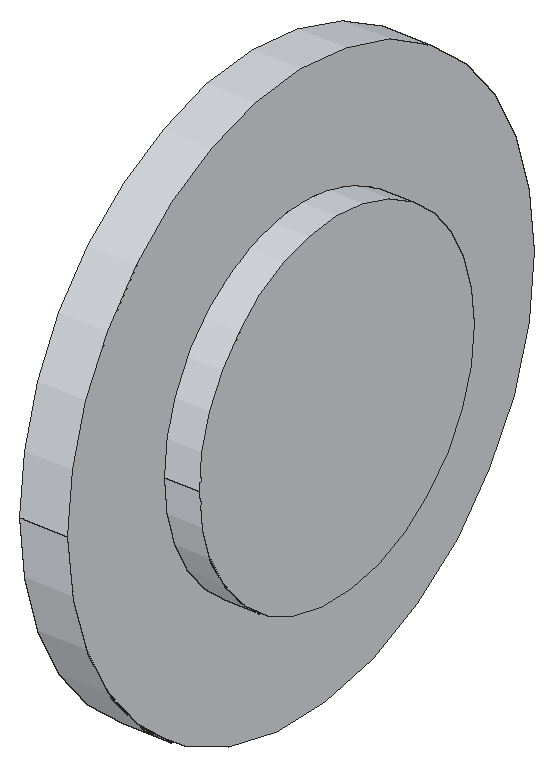
Revit family "1b47ad9977814793be07e5290a9a5410", category Pipe Fittings, Revit 2021
Family settings
  Round Connector Dimension = Use Radius
  Part Type = Flange
  OmniClass Number = 23.60.30.11.14
  OmniClass Title = Pipework Fittings
  Seek Item ID = Flange - Threaded - GI - Class 25-0000-USA-ENU
  Work Plane-Based = No
  Always vertical = Yes
  Cut with Voids When Loaded = No
  Shared = No
Parameters (values of type "Standard")
  Tick Size [instance] = Flange Diameter * 0.4  # 3.6063"
  Nominal Radius [instance] = 2"
  Nominal Diameter [instance] = Nominal Radius * 2  # 4"
  Loss Method = Not Defined
  Lookup Table Name = "Flange - Threaded - GI - Class 25"
  Length [instance] = size_lookup(Lookup Table Name, "Lgt", 0.1 * Nominal Diameter + 61/64", Nominal Diameter)  # 1.29921"
  Hub Radius [instance] = Hub Diameter / 2  # 2.65748"
  Hub Diameter [instance] = size_lookup(Lookup Table Name, "HDia", 0.93 * Nominal Diameter + 2 13/32", Nominal Diameter)  # 5.31496"
  Flange Thickness [instance] = size_lookup(Lookup Table Name, "FThk", 0.03 * Nominal Diameter + 169/256", Nominal Diameter)  # 0.74803"
  Flange Radius [instance] = Flange Diameter / 2  # 4.50787"
  Flange Diameter [instance] = size_lookup(Lookup Table Name, "FDia", 1.16 * Nominal Diameter + 4 11/16", Nominal Diameter)  # 9.01575"
  Default Elevation = 0' - 0"
Reference planes (in)
  plane 1 "Center (Front/Back)": y = 0
  plane 2: z = 0
  plane 3 "Center (Left/Right)": x = 0
  plane 4: y = 3.6063
  plane 5: y = -3.6063
  plane 6: x = 0.74803
  plane 7: x = 1.29921
Forms (in)
  Sweep 1, solid, detail levels fine
    path in 3D
      loop
        line (0, 0, 0) -> (0.74803, 0, 0)
    profile origin (0.37402, 0, 0) x (0, 1, 0) y (0, 0, 1)
      loop
        circle (0, 0) r 4.50787
  Sweep 2, solid, detail levels fine
    path in 3D
      loop
        line (0.74803, 0, 0) -> (1.29921, 0, 0)
    profile origin (1.02362, 0, 0) x (0, 1, 0) y (0, 0, 1)
      loop
        circle (0, 0) r 2.65748
Cuts and joins
  joined: Sweep 1, Sweep 2
Lines and regions (in)
  model lines, detail levels coarse+medium
    curve 1: line (0, 0, 0) -> (0.74803, 0, 0)
    curve 2: line (0.74803, 0, 0) -> (1.29921, 0, 0)
    curve 5: line (0.74803, 3.6063, 0) -> (0.74803, -3.6063, 0)
  sketch lines
    curve 3: line (0, 0, 0) -> (0.74803, 0, 0)
    curve 4: line (0.74803, 0, 0) -> (1.29921, 0, 0)
Dimensions and locks (in)
  equal spacing: plane 4, plane 1 "Center (Front/Back)", plane 5
  "Tick Size": plane 4 to plane 1 "Center (Front/Back)"
  "Flange Thickness": plane 3 "Center (Left/Right)" to plane 6
  "Length": plane 3 "Center (Left/Right)" to plane 7
  "Flange Radius": radius of Sweep 1 sketch curve
  "Hub Radius": radius of Sweep 2 sketch curve
  aligned and locked: plane 3 "Center (Left/Right)" to curve 1
  aligned and locked: plane 6 to curve 1
  aligned and locked: plane 1 "Center (Front/Back)" to curve 1
  aligned and locked: plane 1 "Center (Front/Back)" to curve 2
  aligned and locked: plane 7 to curve 2
  aligned and locked: plane 4 to curve 5
  aligned and locked: plane 5 to curve 5
  aligned and locked: curve 5 to plane 6
Automatic sketch dimensions
  Sweep 1 sketch curve to profile plane = 0' - 0"  (x2)
  Sweep 2 sketch curve to profile plane = 0' - 0"  (x2)
Connectors (in)
  piping at (0, 0, 0), diameter 4, driven by "Nominal Radius"
    settings: on cut or joined group of Sweep 1, Sweep 2, index 1, connector inside diameter 4", connector length 0' - 0", flow factor 0, pipe flow 0 GPM, pressure drop 0.00 psi, fitting loss kfactor 0, connector angle 0.00°, fixture units 0, engagement length 0' - 0", angle of deflection 0.00°, flow configuration 0, flow direction 0, fitting loss method 0, system type 28, joint type 0, gender type 0, connector reference index 2, connector utility 0, adjustable connector no, is connector primary yes, connector description ""
  piping at (1.29921, 0, 0), diameter 4, driven by "Nominal Radius"
    settings: on cut or joined group of Sweep 1, Sweep 2, index 2, connector inside diameter 4", connector length 0' - 0", flow factor 0, pipe flow 0 GPM, pressure drop 0.00 psi, fitting loss kfactor 0, connector angle 0.00°, fixture units 0, engagement length 0' - 0", angle of deflection 0.00°, flow configuration 0, flow direction 0, fitting loss method 0, system type 28, joint type 0, gender type 0, connector reference index 1, connector utility 0, adjustable connector no, is connector primary no, connector description ""
